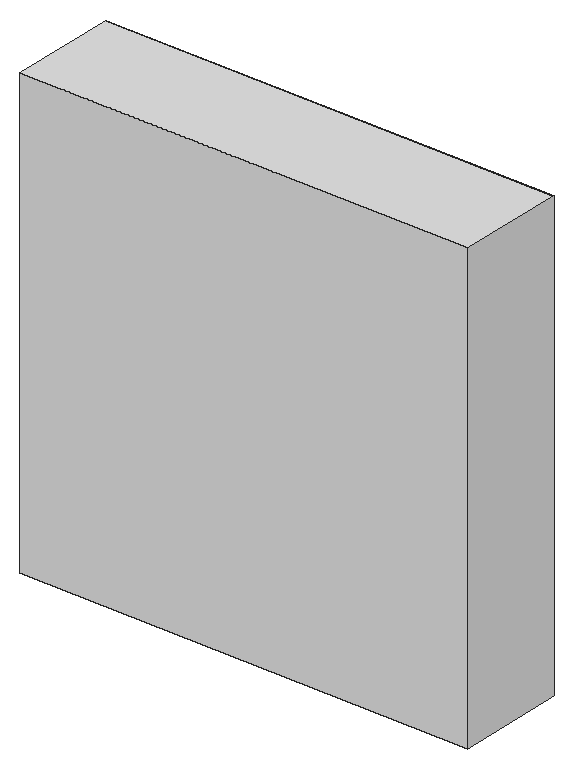
Revit family "OvaLED NM ST LED 230V 1t (veggmontasje)", category Lighting Fixtures, Revit 2013
Parameters (values of type "Type 1")
  Wattage = 9.2903 W
  built-in parameter 1150110 = 1 (stored number, unit not read)
  built-in parameter 1114217 = 1 (stored number, unit not read)
  Tilt Angle = 90.00°
  built-in parameter 1150109 = 1 (stored number, unit not read)
  built-in parameter 1150134 = 3
  built-in parameter 1150113 = 1 (stored number, unit not read)
  Photometric Web File = "2x4 4Lamp.ies"
  Number of Poles = 1
  Symbol Positive Direction [instance] = yes
  built-in parameter 1150105 = 109.82 (stored number, unit not read)
  Lumens = 1380 lm
  built-in parameter 1150115 = 1 (stored number, unit not read)
  built-in parameter 1150137 = (empty or 0)
  built-in parameter 1150139 = (empty or 0)
  built-in parameter 1150112 = 1 (stored number, unit not read)
  built-in parameter 1150114 = 1 (stored number, unit not read)
  built-in parameter 1150132 = (empty or 0)
  built-in parameter 1150102 = (empty or 0)
  built-in parameter 1150107 = 3200 (stored number, unit not read)
  built-in parameter 1150138 = (empty or 0)
  built-in parameter 1150106 = 1.0982 (stored number, unit not read)
  Height 1 = 45 mm
  Height = 55 mm
  Voltage = 230 V
  Symbol Offset Side [instance] = 0 mm
  Symbol Offset Out [instance] = 0 mm
  Material = Plastic - White
  Loads [instance] = 0 VA
  Length B = 160 mm
  Length A = 160 mm
  Glass Material = Plastic - Glass
  Emit from Rectangle Width = Length B  # 160 mm
  Emit from Rectangle Length = Length A  # 160 mm
  Emit Shape Visible in Rendering = no
  built-in parameter 1150104 = 13.8 (stored number, unit not read)
  Dimming Lamp Color Temperature Shift = <None>
  Color Filter = 16777215
  built-in parameter 1114218 = 1 (stored number, unit not read)
  built-in parameter 1150133 = 10 (stored number, unit not read)
Reference planes
  plane 1 "Light Source Axis (F/B)": y = 0
  plane 2: z = 0
  plane 3 "Light Source Axis (L/R)": x = 0
  plane 4 "Light Source Elevation": z = 0
  plane 5: z = -80
  plane 6: z = -17
  plane 7: y = 55
  plane 8: x = 80
  plane 9: x = -80
  plane 10: x = 17
  plane 11: x = -17
  plane 12: z = 80
  plane 13: y = 45
  plane 14: y = 38
  plane 15: z = 17
Forms (mm)
  Extrusion 1, solid, material "Plastic - White" <- "Material"
    sketch origin (0, 0, 0) x (1, 0, 0) y (0, 1, 0)
      loop
        line (-80, 38) -> (-80, 0) -> (80, 0) -> (80, 38) -> (-80, 38)
    from 80 to -80
  Revolve 2, solid, material "Plastic - Glass" <- "Glass Material"
    sketch origin (0, 0, 0) x (0, 0, 1) y (0, -1, 0)
      loop
        line (12.5, -55) -> (12.5, -45) -> (-12.5, -45) -> (-12.5, -55) -> (-6.5, -51)
        arc (-6.5, -51) -> (-4.282, -53.9) -> (-0.8, -55) r 6.061
        line (-0.8, -55) -> (0.8, -55)
        arc (0.8, -55) -> (4.282, -53.9) -> (6.5, -51) r 6.061
        line (6.5, -51) -> (12.5, -55)
      axis (12.5, -45) -> (-12.5, -45)
    angle from -90 to 90
  Blend 3, solid
    base sketch origin (0, 0, 0) x (1, 0, 0) y (0, 0, 1)
      loop
        line (-80, 80) -> (-80, -80) -> (80, -80) -> (80, 80) -> (-80, 80)
    top sketch origin (0, 0, 0) x (1, 0, 0) y (0, 0, 1)
      loop
        line (-17, 17) -> (-17, -17) -> (17, -17) -> (17, 17) -> (-17, 17)
    from -38 to -45
Lines and regions (mm)
  model lines, style "InvisibleLines"
    curve 1: line (0, 0, 0) -> (0, 0, -17)
Dimensions and locks
  plane 4 "Light Source Elevation" to plane 2 = 0 mm
  "Height": plane 7 to plane 1 "Light Source Axis (F/B)"
  plane 11 to plane 3 "Light Source Axis (L/R)" to plane 10 = 17 mm locked, 17 mm locked
  equal spacing: plane 8, plane 3 "Light Source Axis (L/R)", plane 9
  "Length A": plane 8 to plane 9
  equal spacing: plane 12, plane 4 "Light Source Elevation", plane 5
  "Length B": plane 12 to plane 5
  "Height 1": plane 1 "Light Source Axis (F/B)" to plane 13
  locked: plane 13 to plane 14 at 7
  plane 15 to plane 4 "Light Source Elevation" to plane 6 = 17 mm locked, 17 mm locked
  plane 10 to plane 3 "Light Source Axis (L/R)" to plane 11 = 17 mm locked, 17 mm locked
  aligned and locked: plane 2 to level
  aligned and locked: plane 9 to Extrusion 1 sketch curve
  aligned and locked: Extrusion 1 sketch curve to plane 8
  aligned and locked: plane 3 "Light Source Axis (L/R)" to imposter light
  aligned and locked: plane 1 "Light Source Axis (F/B)" to Extrusion 1
  aligned and locked: plane 12 to Extrusion 1
  aligned and locked: Extrusion 1 to plane 5
  aligned and locked: Extrusion 1 sketch curve to plane 14
  aligned and locked: Blend 3 sketch curve to plane 12
  aligned and locked: plane 9 to Blend 3 sketch curve
  aligned and locked: plane 5 to Blend 3 sketch curve
  aligned and locked: Blend 3 sketch curve to plane 8
  aligned and locked: plane 15 to Blend 3 sketch curve
  aligned and locked: plane 11 to Blend 3 sketch curve
  aligned and locked: plane 6 to Blend 3 sketch curve
  aligned and locked: Blend 3 sketch curve to plane 10
  aligned and locked: plane 13 to Blend 3
  aligned and locked: Blend 3 to plane 14
  aligned and locked: imposter light to plane 4 "Light Source Elevation"
  aligned and locked: imposter light to plane 7
  aligned and locked: plane 13 to Revolve 2 sketch curve
  aligned and locked: Revolve 2 sketch curve to plane 7
  aligned and locked: plane 7 to Revolve 2 sketch curve  (x2)
  aligned and locked: plane 1 "Light Source Axis (F/B)" to nested 1
  aligned and locked: plane 3 "Light Source Axis (L/R)" to nested 1
Automatic sketch dimensions
  curve 1 to plane 3 "Light Source Axis (L/R)" = 0 mm
  curve 1 to plane 6 = 0 mm
  curve 1 to level = 0 mm
  plane 1 "Light Source Axis (F/B)" to Extrusion 1 sketch curve = 0 mm
  plane 6 to Revolve 2 sketch curve = 4.5 mm
  Revolve 2 sketch curve to plane 7 = 4 mm  (x2)
  Revolve 2 sketch curve to plane 13 = 0 mm
  Revolve 2 sketch curve to level = 6.5 mm
  Revolve 2 sketch curve to level = 0.8 mm
  level to Revolve 2 sketch curve = 0.8 mm
  Revolve 2 sketch curve to Revolve 2 sketch curve = 5.7 mm
  plane 15 to Revolve 2 sketch curve = 4.5 mm
  Revolve 2 sketch curve to plane 5 = 1644.969 mm
  plane 12 to Revolve 2 sketch curve = 1011.284 mm
Nested families
  nested 1: "LedelysS" at (0, 0, 0), type "Type 1"
Connectors
  electrical at (0, 0, 0), driven by "Voltage", driven by "Loads", driven by "Number of Poles", driven by "Loads"
    settings: on plane 4 "Light Source Elevation", index 1, voltage 230 V, apparent load 0 VA, apparent load phase1 0 VA, apparent load phase2 0 VA, apparent load phase3 0 VA, power factor 1, load classification "Lighting", number of poles 1, system type 30, power factor state 1, is connector primary yes, connector utility no, sub classification motor no, connector description ""
Definition of nested family "LedelysS"
  Parameters (values of type "Type 1")
    CQ Symbol Positive Direction = yes
    CQ Symbol Negative Direction = not(CQ Symbol Positive Direction)  # no
    CQ Symbol Offset Side = 0 mm
    CQ Symbol Offset Out = 0 mm
  Reference planes
    plane 1: y = 0
    plane 2: x = 0
  Dimensions and locks
    "CQ Symbol Offset Out": plane 1 to nested 1
    "CQ Symbol Offset Out": plane 1 to nested 2
    "CQ Symbol Offset Side": plane 2 to nested 2
    "CQ Symbol Offset Side": nested 1 to plane 2
  Nested families
    nested 1: "LedelysSub" at (0, 0, 0), visible <- "CQ Symbol Negative Direction", type "Type 1"
    nested 2: "LedelysSub" at (0, 0, 0), visible <- "CQ Symbol Positive Direction", type "Type 1"
  Definition of nested family "LedelysSub"
    Reference planes
      plane 1: y = 0
      plane 2: x = 0
    Lines and regions (mm)
      detail lines
        curve 1: line (-4, 0, 0) -> (4, 0, 0)
        curve 2: line (4, 0, 0) -> (4, 4, 0)
        curve 3: line (4, 4, 0) -> (-4, 4, 0)
        curve 4: line (-4, 4, 0) -> (-4, 0, 0)
        curve 5: line (-3.097, 0.75, 0) -> (-0.597, 3.25, 0)
        curve 6: line (-3.097, 3.25, 0) -> (-0.597, 0.75, 0)
        curve 7: circle (-1.847, 2, 0) r 1.2 normal (0, 0, 1)
    Text (mm)
      text "LL" at (2.179, 3.025, 0)
